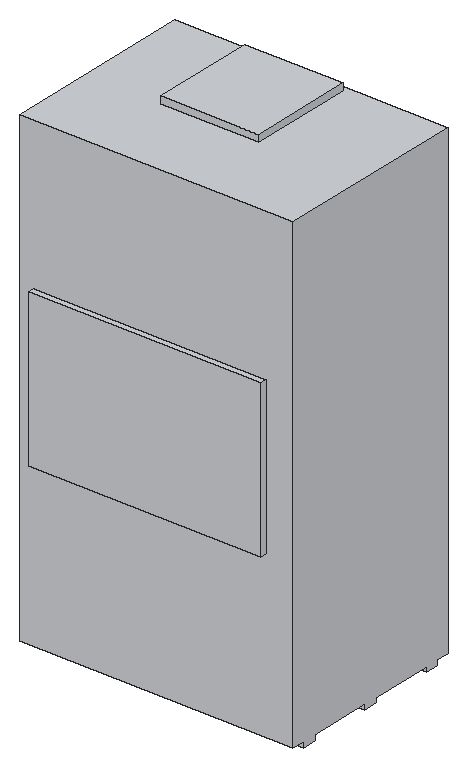
Revit family "569cd6f2b1f1406bbf69cad40aa2689b", category Mechanical Equipment, Revit 2021
Family settings
  Round Connector Dimension = Use Radius
  Part Type = Normal
  OmniClass Number = 23.75.10.21.17
  OmniClass Title = Water-Source Heat Pumps
  Seek Item ID = WSHP - Vertical - 6.5-10 Tons - Front Return - Top Discharge-0000-USA-ENU
  Work Plane-Based = No
  Always vertical = Yes
  Cut with Voids When Loaded = No
  Shared = No
  Room Calculation Point = No
Parameters (values of type "6.5 Tons")
  Water Supply Radius = 3/4"
  Water Supply Diameter = Water Supply Radius * 2  # 1 1/2"
  Water Return Radius = 3/4"
  Water Return Diameter = Water Return Radius * 2  # 1 1/2"
  Water Pressure Drop [instance] = 8.60 psi
  Water Flow [instance] = 18 GPM
  Voltage = 460 V
  Supply Air Width = 14 179/256"
  Supply Air Height = 15 205/256"
  Return Air Width = 34 205/256"
  Return Air Height = 23 51/128"
  Pump Width = 2' - 5"
  Pump Material = none
  Pump Length = 3' - 5"
  Pump Height = 5' - 11 1/2"
  Number of Poles = 3
  Load Classification = Cooling
  Drain Flow [instance] = 0 GPM
  Default Elevation = 0' - 0"
  Condensate Radius = 1/2"
  Condensate Diameter = Condensate Radius * 2  # 1"
  C6 Offset 2 = 0' - 2 13/128"
  C6 Offset 1 = 0' - 1"
  C5 Offset 2 = 1' - 10 77/128"
  C5 Offset 1 = 0' - 3 13/128"
  C4 Offset 1 = 0' - 11 51/256"
  C3 Offset 1 = 1' - 2 1/2"
  C2 Offset 1 = 0' - 4"
  C1 Offset 2 = 1' - 8 1/2"
  C1 Offset 1 = 0' - 7 51/128"
  Apparent Load = 6026 VA
  External Static Pressure [instance] = 1.00 in-wg
  Air Flow [instance] = 2600 CFM
Types (4): name | Water Pressure Drop | Water Flow | Supply Air Width | Supply Air Height | C4 Offset 1 | Apparent Load | External Static Pressure | Air Flow
  (no name) | 8.60 psi | 18 GPM | 14 179/256" | 15 205/256" | 0' - 11 51/256" | 6026 VA | 1.00 in-wg | 2600 CFM
  6.5 Tons | 8.60 psi | 18 GPM | 14 179/256" | 15 205/256" | 0' - 11 51/256" | 6026 VA | 1.00 in-wg | 2600 CFM
  8.5 Tons | 10.10 psi | 24 GPM | 14 179/256" | 15 205/256" | 0' - 11 51/256" | 8970 VA | 1.50 in-wg | 3500 CFM
  10 Tons | 13.30 psi | 30 GPM | 18 205/256" | 16 13/128" | 0' - 5 205/256" | 9890 VA | 1.50 in-wg | 4200 CFM
Reference planes (in)
  plane 1 "Center (Front/Back)": y = 0
  plane 2: z = 0
  plane 3 "Center (Left/Right)": x = 0
  plane 4: x = 41
  plane 5: y = 29
  plane 6: z = 71.5
  plane 7: z = 0.75
  plane 8: y = 28.25
  plane 9: y = 12.44922
  plane 10: x = 11.19922
  plane 11: x = 25.89844
  plane 12: z = 72.5
  plane 13: z = 21.25
  plane 14: y = 4
  plane 15: y = 7.39844
  plane 16: y = 14.5
  plane 17: z = 2.85156
  plane 18: x = 40
  plane 19: x = -1
  plane 20: y = 14.5
  plane 21: y = 27
  plane 22: y = 25
  plane 23: y = 2
  plane 24: y = 4
  plane 25: y = 15.5
  plane 26: y = 13.5
  plane 27: z = 48.89844
  plane 28: z = 25.5
  plane 29: x = 2.10156
  plane 30: x = 36.90234
  plane 31: y = -1
Forms (in)
  Extrusion 1, solid, material <- "Pump Material"
    sketch origin (0, 0, 0) x (1, 0, 0) y (0, 1, 0)
      loop
        line (0, 29) -> (0, 0) -> (41, 0) -> (41, 29) -> (0, 29)
    from 0.75 to 71.5
  Extrusion 2, solid, material <- "Pump Material"
    sketch origin (0, 0, 0) x (1, 0, 0) y (0, 1, 0)
      loop
        line (11.19922, 28.25) -> (11.19922, 12.44922) -> (25.89844, 12.44922) -> (25.89844, 28.25) -> (11.19922, 28.25)
    from 71.5 to 72.5
  Extrusion 3, solid, material <- "Pump Material"
    sketch origin (0, 0, 0) x (0, 1, 0) y (0, 0, 1)
      loop
        circle (4, 21.25) r 0.75
    from -1 to 0
  Extrusion 4, solid, material <- "Pump Material"
    sketch origin (0, 0, 0) x (0, 1, 0) y (0, 0, 1)
      loop
        circle (7.39844, 21.25) r 0.75
    from -1 to 0
  Extrusion 5, solid, material <- "Pump Material"
    sketch origin (0, 0, 0) x (0, 1, 0) y (0, 0, 1)
      loop
        circle (14.5, 21.25) r 0.5
    from -1 to 0
  Extrusion 6, solid, material <- "Pump Material"
    sketch origin (0, 0, 0) x (1, 0, 0) y (0, 1, 0)
      loop
        line (0, 2) -> (41, 2) -> (41, 4) -> (0, 4) -> (0, 2)
    from 0 to 0.75
  Extrusion 7, solid, material <- "Pump Material"
    sketch origin (0, 0, 0) x (1, 0, 0) y (0, 1, 0)
      loop
        line (0, 27) -> (0, 25) -> (41, 25) -> (41, 27) -> (0, 27)
    from 0 to 0.75
  Extrusion 8, solid, material <- "Pump Material"
    sketch origin (0, 0, 0) x (1, 0, 0) y (0, 1, 0)
      loop
        line (0, 15.5) -> (0, 13.5) -> (41, 13.5) -> (41, 15.5) -> (0, 15.5)
    from 0 to 0.75
  Extrusion 9, solid, material <- "Pump Material"
    sketch origin (0, 0, 0) x (1, 0, 0) y (0, 0, 1)
      loop
        circle (40, 2.85156) r 0.5
    from -1 to 0
  Extrusion 10, solid, material <- "Pump Material"
    sketch origin (0, 0, 0) x (1, 0, 0) y (0, 0, 1)
      loop
        line (2.10156, 48.89844) -> (2.10156, 25.5) -> (36.90234, 25.5) -> (36.90234, 48.89844) -> (2.10156, 48.89844)
    from 0 to 1
Cuts and joins
  joined: Extrusion 1, Extrusion 2, Extrusion 3, Extrusion 4, Extrusion 5, Extrusion 6, Extrusion 7, Extrusion 8, Extrusion 9, Extrusion 10
Dimensions and locks (in)
  locked: plane 7 to level at 0.75
  "Pump Height": plane 6 to level
  "Pump Length": plane 3 "Center (Left/Right)" to plane 4
  "Pump Width": plane 5 to plane 1 "Center (Front/Back)"
  locked: plane 5 to plane 8 at 0.75
  "Supply Air Height": plane 8 to plane 9
  "C4 Offset 1": plane 3 "Center (Left/Right)" to plane 10
  "Supply Air Width": plane 10 to plane 11
  locked: plane 12 to plane 6 at 1
  "C1 Offset 2": plane 13 to plane 7
  "C2 Offset 1": plane 14 to plane 1 "Center (Front/Back)"
  "C1 Offset 1": plane 15 to plane 1 "Center (Front/Back)"
  "C3 Offset 1": plane 16 to plane 1 "Center (Front/Back)"
  "C6 Offset 2": plane 17 to plane 7
  "C6 Offset 1": plane 18 to plane 4
  locked: plane 19 to plane 3 "Center (Left/Right)" at 1
  equal spacing: plane 5, plane 20, plane 1 "Center (Front/Back)"
  locked: plane 5 to plane 21 at 2
  locked: plane 21 to plane 22 at 2
  locked: plane 23 to plane 24 at 2
  locked: plane 1 "Center (Front/Back)" to plane 23 at 2
  locked: plane 25 to plane 26 at 2
  equal spacing: plane 25, plane 20, plane 26
  "C5 Offset 2": plane 6 to plane 27
  "Return Air Height": plane 27 to plane 28
  "C5 Offset 1": plane 29 to plane 19
  "Return Air Width": plane 30 to plane 29
  locked: plane 31 to plane 1 "Center (Front/Back)" at 1
  "Water Return Radius": radius of Extrusion 3 sketch curve
  "Water Supply Radius": radius of Extrusion 4 sketch curve
  "Condensate Radius": radius of Extrusion 5 sketch curve
  aligned and locked: plane 3 "Center (Left/Right)" to Extrusion 1 sketch curve
  aligned and locked: Extrusion 1 sketch curve to plane 5
  aligned and locked: plane 1 "Center (Front/Back)" to Extrusion 1 sketch curve
  aligned and locked: Extrusion 1 sketch curve to plane 4
  aligned and locked: Extrusion 1 to plane 7
  aligned and locked: plane 6 to Extrusion 1
  aligned and locked: plane 10 to Extrusion 2 sketch curve
  aligned and locked: Extrusion 2 sketch curve to plane 8
  aligned and locked: plane 9 to Extrusion 2 sketch curve
  aligned and locked: Extrusion 2 sketch curve to plane 11
  aligned and locked: plane 12 to Extrusion 2
  aligned and locked: Extrusion 2 to plane 6
  aligned and locked: plane 13 to Extrusion 3 sketch curve
  aligned and locked: plane 14 to Extrusion 3 sketch curve
  aligned and locked: plane 13 to Extrusion 4 sketch curve
  aligned and locked: plane 15 to Extrusion 4 sketch curve
  aligned and locked: plane 13 to Extrusion 5 sketch curve
  aligned and locked: plane 16 to Extrusion 5 sketch curve
  aligned and locked: Extrusion 3 to plane 19
  aligned and locked: plane 3 "Center (Left/Right)" to Extrusion 3
  aligned and locked: Extrusion 4 to Extrusion 3
  aligned and locked: plane 3 "Center (Left/Right)" to Extrusion 4
  aligned and locked: Extrusion 5 to Extrusion 3
  aligned and locked: plane 3 "Center (Left/Right)" to Extrusion 5
  aligned and locked: plane 3 "Center (Left/Right)" to Extrusion 6 sketch curve
  aligned and locked: plane 23 to Extrusion 6 sketch curve
  aligned and locked: plane 14 to Extrusion 6 sketch curve
  aligned and locked: plane 4 to Extrusion 6 sketch curve
  aligned and locked: plane 3 "Center (Left/Right)" to Extrusion 7 sketch curve
  aligned and locked: Extrusion 7 sketch curve to plane 21
  aligned and locked: plane 22 to Extrusion 7 sketch curve
  aligned and locked: Extrusion 7 sketch curve to plane 4
  aligned and locked: Extrusion 6 to Extrusion 1
  aligned and locked: Extrusion 6 to level
  aligned and locked: Extrusion 7 to Extrusion 1
  aligned and locked: Extrusion 7 to level
  aligned and locked: plane 3 "Center (Left/Right)" to Extrusion 8 sketch curve
  aligned and locked: Extrusion 8 sketch curve to plane 25
  aligned and locked: plane 26 to Extrusion 8 sketch curve
  aligned and locked: Extrusion 8 sketch curve to Extrusion 1
  aligned and locked: Extrusion 8 to Extrusion 1
  aligned and locked: Extrusion 8 to level
  aligned and locked: plane 17 to Extrusion 9 sketch curve
  aligned and locked: plane 18 to Extrusion 9 sketch curve
  aligned and locked: plane 1 "Center (Front/Back)" to Extrusion 9
  aligned and locked: plane 29 to Extrusion 10 sketch curve
  aligned and locked: Extrusion 10 sketch curve to plane 27
  aligned and locked: plane 28 to Extrusion 10 sketch curve
  aligned and locked: Extrusion 10 sketch curve to plane 30
  aligned and locked: Extrusion 10 to plane 31
  aligned and locked: Extrusion 10 to plane 1 "Center (Front/Back)"
Automatic sketch dimensions
  radius of Extrusion 9 sketch curve = 0' - 0 1/2"
Connectors (in)
  piping at (-1, 7.39844, 21.25), diameter 1.5, driven by "Water Flow", driven by "Water Supply Radius"
    settings: on Extrusion 4, index 1, connector inside diameter 1 1/2", connector length 0' - 0", flow factor 0, pipe flow 18 GPM, pressure drop 0.00 psi, fitting loss kfactor 0, connector angle 0.00°, fixture units 0, engagement length 0' - 0", angle of deflection 0.00°, flow configuration 1, flow direction 1, fitting loss method 4, system type 7, joint type 0, gender type 0, connector reference index 2, connector utility 0, adjustable connector no, is connector primary yes, connector description "Water Supply In"
  piping at (-1, 4, 21.25), diameter 1.5, driven by "Water Flow", driven by "Water Pressure Drop", driven by "Water Return Radius"
    settings: on Extrusion 3, index 2, connector inside diameter 1 1/2", connector length 0' - 0", flow factor 0, pipe flow 18 GPM, pressure drop 8.60 psi, fitting loss kfactor 0, connector angle 0.00°, fixture units 0, engagement length 0' - 0", angle of deflection 0.00°, flow configuration 1, flow direction 2, fitting loss method 4, system type 8, joint type 0, gender type 0, connector reference index 1, connector utility 0, adjustable connector no, is connector primary no, connector description "Water Return Out"
  piping at (-1, 14.5, 21.25), diameter 1, driven by "Condensate Radius", driven by "Drain Flow"
    settings: on Extrusion 5, index 3, connector inside diameter 1", connector length 0' - 0", flow factor 0, pipe flow 0 GPM, pressure drop 0.00 psi, fitting loss kfactor 0, connector angle 0.00°, fixture units 0, engagement length 0' - 0", angle of deflection 0.00°, flow configuration 1, flow direction 2, fitting loss method 0, system type 16, joint type 0, gender type 0, connector reference index -1, connector utility 0, adjustable connector yes, is connector primary no, connector description "Condensate Out"
  hvac at (18.54883, 20.34961, 72.5), driven by "Air Flow", driven by "Supply Air Height", driven by "Supply Air Width"
    settings: on Extrusion 2, index 4, duct flow 2600 CFM, flow factor 0, pres drop 0.00 in-wg, loss coef 0, conn angle 0.00°, conn width 14 179/256", conn height 15 205/256", conn diameter 24", duct sys type 1, conn prof type 1, flow config 0, flow direction 2, loss method 0, conn ref index 5, conn util no, is conn primary yes, conn desc ""
  hvac at (19.50195, -1, 37.19922), driven by "Air Flow", driven by "Return Air Height", driven by "Return Air Width"
    settings: on Extrusion 10, index 5, duct flow 2600 CFM, flow factor 0, pres drop 0.00 in-wg, loss coef 0, conn angle 0.00°, conn width 34 205/256", conn height 23 51/128", conn diameter 24", duct sys type 2, conn prof type 1, flow config 0, flow direction 1, loss method 0, conn ref index 4, conn util no, is conn primary no, conn desc ""
  electrical at (40, 0, 2.85156), driven by "Apparent Load", driven by "Voltage", driven by "Number of Poles", driven by "Load Classification"
    settings: on cut or joined group of Extrusion 1, Extrusion 2, Extrusion 3, Extrusion 4, Extrusion 5, Extrusion 6, Extrusion 7, Extrusion 8, Extrusion 9, Extrusion 10, index 6, voltage 460 V, apparent load 6026 VA, apparent load phase1 0 VA, apparent load phase2 0 VA, apparent load phase3 0 VA, power factor 0.8, load classification "Cooling", number of poles 3, system type 30, power factor state 1, is connector primary yes, connector utility no, sub classification motor no, connector description ""
